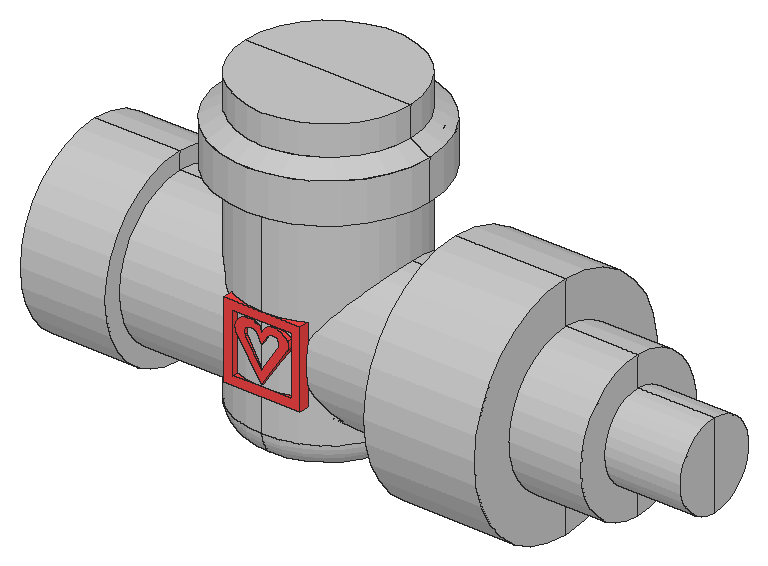
Revit family "RL-5 Return Valve Straight Model 3923", category Rohrzubehör, Revit 2019
Family settings
  Bemaßung runder Anschluss = Durchmesser verwenden
  Teiletyp = Unterbricht
  OmniClass-Nummer = 23.65.55.14
  OmniClass-Titel = Valves for Liquid Services
  Arbeitsebenenbasiert = Nein
  Immer vertikal = Nein
  Beim Laden mit Abzugskörper schneiden = Nein
  Gemeinsam genutzt = Nein
Parameters
  W02 [instance] = 70.00°  # constant formula
  W01 = 120.00°  # constant formula
  URL = "www.herzvalves.com"
  SCRNSEQ = "ARM;ARM_TYP=\"ALLF\";2"
  SCRNCODE = "05;01;02"  # constant formula
  S04 = 45.000 mm  # constant formula
  S03 = 61.000 mm  # constant formula
  S02 [instance] = L05 + L06 + L07  # 45.500 mm
  S01 = 10.000 mm  # constant formula
  R05 = 9.750 mm  # constant formula
  R04 = 12.000 mm  # constant formula
  R02 = 9.750 mm  # constant formula
  R01 = 11.000 mm  # constant formula
  Part number [instance] = size_lookup("3923_5_", "Artnr", 0, Nennweite)  # 1392300
  Nennweite [instance] = 10.000 mm
  Model = "All models are nickel-plated and are universal models with special socket threaded pipe and compression union."
  Medium = "Hot water quality according to Austrian standard ÖNORM H 5195 and/or VDI guideline 2035."
  Max. operating temperature = 110 °C  # constant formula
  Max. operating pressure = 1000000.0 Pa  # constant formula
  L07 [instance] = size_lookup("3923_5_", "L7", 1.000 mm, Nennweite)  # 17.500 mm
  L06 [instance] = size_lookup("3923_5_", "L6", 1.000 mm, Nennweite)  # 13.000 mm
  L05 [instance] = L02 - L04  # 15.000 mm
  L04 [instance] = size_lookup("3923_5_", "L4", 1.000 mm, Nennweite)  # 7.500 mm
  L03 [instance] = size_lookup("3923_5_", "L3", 1.000 mm, Nennweite)  # 10.000 mm
  L02 [instance] = size_lookup("3923_5_", "L2", 1.000 mm, Nennweite)  # 22.500 mm
  L01 [instance] = size_lookup("3923_5_", "L1", 1.000 mm, Nennweite)  # 27.500 mm
  Hersteller = "HERZ Armaturen Ges.m.b.H"  # constant formula
  H06 = 3.500 mm  # constant formula
  H05 = 9.500 mm  # constant formula
  H04 [instance] = H02 - H03  # 16.000 mm
  H03 = 5.000 mm  # constant formula
  H02 [instance] = 21.000 mm  # constant formula
  H01 [instance] = size_lookup("3923_5_", "H1", 1.000 mm, Nennweite)  # 14.000 mm
  GTI [instance] = size_lookup("3923_5_", "GT1", 1.000 mm, Nennweite)  # 9.000 mm
  GT [instance] = size_lookup("3923_5_", "GT", 1.000 mm, Nennweite)  # 9.500 mm
  G2 [instance] = Nennweite / 2  # 5.000 mm
  G1 [instance] = Nennweite / 2  # 5.000 mm
  D05 [instance] = size_lookup("3923_5_", "D5", 1.000 mm, Nennweite)  # 8.500 mm
  D04 [instance] = size_lookup("3923_5_", "D4", 1.000 mm, Nennweite)  # 13.500 mm
  D03 [instance] = size_lookup("3923_5_", "D3", 1.000 mm, Nennweite)  # 7.940 mm
  D02 [instance] = size_lookup("3923_5_", "D2", 1.000 mm, Nennweite)  # 9.000 mm
  D01 [instance] = size_lookup("3923_5_", "D1", 1.000 mm, Nennweite)  # 11.000 mm
  Body = "nickel-plated"  # constant formula
  Application = "Hot Water Heating Systems\r\nAfter installation of the return valve it is possible to close the radiator return connection.\r\nWhen the intake valve is closed simultaneously (“0“-position for thermostat valves) it is possible to remove the radiator while the heating system remains under pressure.\r\nServicing and working behind the radiator (repapering, laying tiles) is possible without having to switch off the rest of the system.\r\nThe HERZ-RL-5 valve adjusts to allow the exact water quantity to flow through the radiator according to the heat requirements.\r\nThis is recommended particularly in systems equipped with thermostatic valves because lowering the temperature during nighttime becomes fully effective in terms of reducing power input when the water flowquantity is limited and the hydraulic equilibrium of the system is retained.\r\nThe HERZ-RL-5 valve permits filling or draining the radiator or the entire heating system."
Reference planes
  plane 1 "Mitte (Vorne/hinten)": y = 0
  plane 2: z = 0
  plane 3 "Mitte (Links/rechts)": x = 0
Forms (mm)
  Revolve 1, solid, material "Messing, vernickelt", detail levels fine
    sketch origin (0, 0, 0) x (1, 0, 0) y (0, 0, 1)
      loop
        line (-18, 0) -> (22.5, 0) -> (22.5, 7.94) -> (15, 7.94) -> (15, 9) -> (-17.5, 9) -> (-17.5, 11) -> (-27.5, 11) -> (-27.5, 5) -> (-18, 5) -> (-18, 0)
      axis (-27.5, 0) -> (22.5, 0)
    angle from 0 to 360
  Revolve 2, solid, material "Messing, vernickelt", detail levels fine
    sketch origin (0, 0, 0) x (0, 1, 0) y (0, 0, 1)
      loop
        line (0, 21) -> (-11, 21) -> (-11, 16) -> (-9.75, 16) -> (-9.75, -8.456)
        arc (-9.75, -8.456) -> (-9.408, -9.847) -> (-8.46, -10.921) r 3
        line (-8.46, -10.921) -> (0, -14) -> (0, 21)
      axis (0, -14) -> (0, 21)
    angle from 0 to 360
  Revolve 3, solid, material "Messing, vernickelt", detail levels fine
    sketch origin (0, 0, 0) x (1, 0, 0) y (0, 0, 1)
      loop
        line (22.5, 0) -> (45.5, 0) -> (45.5, 5) -> (36.5, 5) -> (36.5, 8.5) -> (28, 8.5) -> (28, 13.5) -> (15, 13.5) -> (15, 7.94) -> (22.5, 7.94) -> (22.5, 0)
      axis (15, 0) -> (45.5, 0)
    angle from 0 to 360
  Revolve 4, solid, material "Messing, vernickelt", detail levels fine
    sketch origin (0, 0, 9) x (1, 0, 0) y (0, 0, 1)
      loop
        line (0, 7) -> (12, 7) -> (12, 11.701) -> (9.75, 13) -> (9.75, 16.5) -> (0, 16.5) -> (0, 7)
      axis (0, 16.5) -> (0, 7)
    angle from 0 to 360
Lines and regions (mm)
  model lines, detail levels coarse+medium
    curve 1: line (-27.5, 0, 11) -> (-27.5, 0, -11)
    curve 2: line (-27.5, 0, -11) -> (27.5, 0, 11)
    curve 3: line (27.5, 0, 11) -> (27.5, 0, -11)
    curve 4: line (27.5, 0, -11) -> (-27.5, 0, 11)
    curve 5: line (27.5, 0, 11) -> (37.5, 0, 11)
    curve 6: line (37.5, 0, 11) -> (27.5, 0, 0)
    curve 7: line (27.5, 0, -11) -> (37.5, 0, -11)
    curve 8: line (37.5, 0, -11) -> (27.5, 0, 0)
    curve 9: line (27.5, 0, 0) -> (45.5, 0, 0)
    curve 10: line (-27.5, 11, 0) -> (-27.5, -11, 0)
    curve 11: line (-27.5, -11, 0) -> (27.5, 11, 0)
    curve 12: line (27.5, 11, 0) -> (27.5, -11, 0)
    curve 13: line (27.5, -11, 0) -> (-27.5, 11, 0)
    curve 14: line (27.5, 11, 0) -> (37.5, 11, 0)
    curve 15: line (37.5, 11, 0) -> (27.5, 0, 0)
    curve 16: line (27.5, -11, 0) -> (37.5, -11, 0)
    curve 17: line (37.5, -11, 0) -> (27.5, 0, 0)
Dimensions and locks
  "L01": Revolve 1 sketch curve to plane 3 "Mitte (Links/rechts)"
  "L02": Revolve 1 sketch curve to plane 3 "Mitte (Links/rechts)"
  "G1": Revolve 1 sketch curve to plane 2
  "GT": Revolve 1 sketch curve to Revolve 1 sketch curve
  "D01": Revolve 1 sketch curve to Revolve 1 sketch curve
  "D02": Revolve 1 sketch curve to Revolve 1 sketch curve
  "D03": Revolve 1 sketch curve to Revolve 1 sketch curve
  "L03": Revolve 1 sketch curve to Revolve 1 sketch curve
  "L04": Revolve 1 sketch curve to Revolve 1 sketch curve
  "H02": Revolve 2 sketch curve to plane 2
  "R01": Revolve 2 sketch curve to plane 1 "Mitte (Vorne/hinten)"
  "D03": Revolve 3 sketch curve to plane 2
  "L04": Revolve 3 sketch curve to Revolve 3 sketch curve
  "L05": Revolve 3 sketch curve to plane 3 "Mitte (Links/rechts)"
  "L06": Revolve 3 sketch curve to Revolve 3 sketch curve
  "L07": Revolve 3 sketch curve to Revolve 3 sketch curve
  "D04": Revolve 3 sketch curve to Revolve 3 sketch curve
  "G2": Revolve 3 sketch curve to Revolve 3 sketch curve
  "D05": Revolve 3 sketch curve to Revolve 3 sketch curve
  "GTI": Revolve 3 sketch curve to Revolve 3 sketch curve
  "D01": curve 4 to plane 2 to curve 2
  "D01": curve 3 to plane 2 to curve 4
  "L01": curve 1 to plane 3 "Mitte (Links/rechts)" to curve 3
  "S01": curve 3 to curve 6
  "S02": curve 9 to plane 3 "Mitte (Links/rechts)"
  "L01": curve 10 to plane 3 "Mitte (Links/rechts)" to curve 12
  "D01": curve 11 to plane 1 "Mitte (Vorne/hinten)" to curve 13
  "D01": curve 13 to plane 1 "Mitte (Vorne/hinten)" to curve 12
  "S01": curve 12 to curve 15
  "S01": curve 12 to curve 17
  "H03": Revolve 2 sketch curve to Revolve 2 sketch curve
  "R02": Revolve 2 sketch curve to Revolve 2 sketch curve
  "H05": Revolve 4 sketch curve to Revolve 4 sketch curve
  "R05": Revolve 4 sketch curve to Revolve 4 sketch curve
  "R04": Revolve 4 sketch curve to Revolve 4 sketch curve
  "H06": Revolve 4 sketch curve to Revolve 4 sketch curve
  "H04": Revolve 4 sketch curve to plane 2
  "D02": nested 1 to plane 1 "Mitte (Vorne/hinten)"
  "H01": plane 2 to Revolve 2 sketch curve
  "W01": angle Revolve 4 sketch curve to Revolve 4 sketch curve
  "W02": angle Revolve 2 sketch curve to Revolve 2 sketch curve
  aligned and locked: level to plane 2
Automatic sketch dimensions
  curve 9 to level = 0.000 mm
  curve 3 to curve 8 = 10.000 mm
  plane 1 "Mitte (Vorne/hinten)" to curve 17 = 0.000 mm
  Revolve 1 sketch curve to level = 0.000 mm  (x2)
  Revolve 1 sketch curve to Revolve 1 sketch curve = 1436.530 mm
  Revolve 1 sketch curve to Revolve 1 sketch curve = 1779.148 mm
  Revolve 2 sketch curve to plane 1 "Mitte (Vorne/hinten)" = 0.000 mm  (x2)
  Revolve 2 sketch curve to Revolve 2 sketch curve = 1.290 mm
  Revolve 2 sketch curve to Revolve 2 sketch curve = 1.710 mm
  Revolve 2 sketch curve to Revolve 2 sketch curve = 98.333 mm
  Revolve 2 sketch curve to Revolve 2 sketch curve = 1236.335 mm
  Revolve 3 sketch curve to level = 0.000 mm  (x2)
  Revolve 3 sketch curve to plane 3 "Mitte (Links/rechts)" = 1506.530 mm
  Revolve 3 sketch curve to Revolve 3 sketch curve = 1789.648 mm
  Revolve 4 sketch curve to plane 3 "Mitte (Links/rechts)" = 0.000 mm  (x2)
  Revolve 4 sketch curve to level = 357.045 mm
  Revolve 4 sketch curve to Revolve 4 sketch curve = 2188.615 mm
Nested families
  nested 1: "Herz-Logo-vorne" at (0, -9, 0) x (0, 1, 0) z (0, 0, 1), type "Herz-Logo-vorne", detail levels fine
Connectors
  piping at (-18, 0, 0), diameter 10, driven by "Nennweite"
    settings: on Revolve 1, index 1, connector inside diameter 609.6 mm, connector length 0.000 mm, flow factor 0, pipe flow 0.0 L/s, pressure drop 0.0 Pa, fitting loss kfactor 0, connector angle 0.00°, fixture units 0, engagement length 0.000 mm, angle of deflection 0.00°, flow configuration 0, flow direction 1, fitting loss method 0, system type 8, joint type 0, gender type 0, connector reference index -1, connector utility 0, adjustable connector no, is connector primary yes, connector description ""
  piping at (45.5, 0, 0), diameter 10, driven by "Nennweite"
    settings: on Revolve 3, index 2, connector inside diameter 609.6 mm, connector length 0.000 mm, flow factor 0, pipe flow 0.0 L/s, pressure drop 0.0 Pa, fitting loss kfactor 0, connector angle 0.00°, fixture units 0, engagement length 0.000 mm, angle of deflection 0.00°, flow configuration 0, flow direction 2, fitting loss method 0, system type 8, joint type 0, gender type 0, connector reference index -1, connector utility 0, adjustable connector no, is connector primary no, connector description ""
Definition of nested family "Herz-Logo-vorne"
  Reference planes
    plane 1 "Mitte (Vorne/hinten)": y = 0
    plane 2: z = 0
    plane 3 "Mitte (Links/rechts)": x = 0
  Forms (mm)
    Extrusion 1, solid
      sketch origin (0.732, -0.018, 0.017) x (0, -1, 0) y (0, 0, 1)
        loop
          line (-0.018, -4.517) -> (4.482, -4.517) -> (4.482, 4.483) -> (-4.518, 4.483) -> (-4.518, -4.517) -> (-0.018, -4.517)
        loop
          line (-0.05, -3.48) -> (3.482, -3.48) -> (3.482, 3.483) -> (-3.518, 3.483) -> (-3.518, -3.48) -> (-0.05, -3.48)
        loop
          arc (-0.018, 2.383) -> (-1.543, 3.287) -> (-3.067, 2.383) r 1.738
          arc (-3.067, 2.383) -> (-3.191, 1.899) -> (-3.067, 1.415) r 1.009
          line (-3.067, 1.415) -> (-0.018, -3.281) -> (3.032, 1.415)
          arc (3.032, 1.415) -> (3.156, 1.899) -> (3.032, 2.383) r 1.009
          arc (3.032, 2.383) -> (1.507, 3.287) -> (-0.018, 2.383) r 1.738
        loop
          arc (1.885, 1.272) -> (2.005, 1.675) -> (1.885, 2.079) r 0.74
          arc (1.885, 2.079) -> (1.265, 2.416) -> (0.644, 2.079) r 0.74
          line (0.644, 2.079) -> (-0.018, 0.97) -> (-0.679, 2.079)
          arc (-0.679, 2.079) -> (-1.3, 2.416) -> (-1.921, 2.079) r 0.74
          arc (-1.921, 2.079) -> (-2.04, 1.675) -> (-1.921, 1.272) r 0.74
          line (-1.921, 1.272) -> (-0.018, -1.658) -> (1.885, 1.272)
      from 0 to 1.5
  Dimensions and locks
    aligned and locked: level to plane 2
